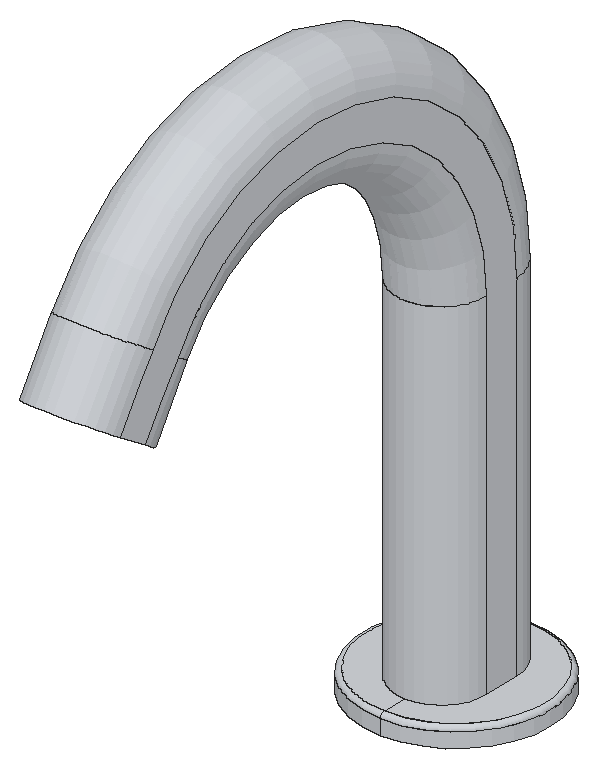
Revit family "Faucet_Touchless-Lavatory-KOHLER-Oblo-K-104BB76_1", category Plumbing Fixtures, host Face, Revit 2021
Family settings
  Host = Face
  Round Connector Dimension = Use Diameter
  Part Type = Normal
  OmniClass Number = 23.31.11.00
  OmniClass Title = Faucets
  Cut with Voids When Loaded = No
  Shared = No
  Room Calculation Point = No
Parameters (values of type "CP-Polished Chrome")
  Width = 2 73/256"  # constant formula
  WaterSense Certified = 1 = 0  # no
  Waste Water Outlet = "Waste Water Outlet"  # constant formula
  Waste Connection = 1 = 0  # no
  Vent Connection = 1 = 0  # no
  URL = "https://www.us.kohler.com/us/"
  Type = 1
  Spout Reach = 5 67/256"  # constant formula
  Product Page URL = "http://www.us.kohler.com/us/catalog/productDetails.jsp?productNumber=104BB76-SBNA"
  Product Name = "Oblo\r\n"  # constant formula
  Product Documentation Link = "https://www.us.kohler.com/webassets/kpna/catalog/pdf/en/K-104BB76-SBNA_spec_US-CA_Kohler_en.pdf"
  Pressure = 0.00 psi
  Model = if(Type = 1, "K-104BB76-SBNA-CP", "NA")  # "K-104BB76-SBNA-CP"
  Material = "Premium Metal Construction\r\n"  # constant formula
  Master Format 2014 Name = "Residential Faucets, Supplies, and Trim"  # constant formula
  Master Format 2014 = "22 41 39"  # constant formula
  Manufacturer Address = "444 Highland Dr, Kohler, WI 53044"  # constant formula
  Manufacturer = "Kohler Co."  # constant formula
  Length = Spout Reach  # 5 67/256"
  Hot Water Inlet = "Hot Water Inlet"  # constant formula
  Height = 8 23/256"  # constant formula
  Handle Clearance = 0"
  HW Connection = 1 = 1  # yes
  Flow Rate = 0.5 GPM  # constant formula
  Finish = Kohler-Metal-CP-Polished_Chrome
  Faucet Hole Spacing = 0"
  Environmental Product Declaration = ""
  Drain Included = 1 = 0  # no
  Description = "BASIC DC PROJECT PACK"  # constant formula
  Default Elevation = 36"
  Declare Label = ""
  Date Modified = "05/14/2023"  # constant formula
  Date Created = "05/14/2023"  # constant formula
  Copyright = "Copyright Kohler Co."  # constant formula
  Contact Us = "https://www.us.kohler.com/us/static/contact.jsp"
  Cold Water Inlet = "Cold Water Inlet"  # constant formula
  CW Connection = 1 = 1  # yes
  Assembly Code = "D2010"
  ADA Compliant = 1 = 0  # no
Reference planes (in)
  plane 1 "Center (Front/Back)": y = 0
  plane 2: z = 0
  plane 3 "Center (Left/Right)": x = 0
  plane 4: y = 1.14173
  plane 5: y = -1.14173
  plane 6: x = -1.14173
  plane 7: x = 1.14342
  plane 8: x = -0.55118
  plane 9: x = 0.55118
  plane 10: y = -6.16929
  plane 11: y = -5.26172
  plane 12: z = 8.08984
  plane 13: z = 5.1063
  plane 14: z = 0.23622
Dimensions and locks (in)
  "Width": plane 6 to plane 7
  "Height": plane 12 to level
  "Length": plane 1 "Center (Front/Back)" to plane 11
  plane 14 to level = 0.23622"
  plane 1 "Center (Front/Back)" to plane 10 = 6.16929"
  plane 4 to plane 10 = 7.31102"
  plane 8 to plane 9 = 1.10236"
  plane 13 to level = 5.1063"
  aligned and locked: plane 2 to host face
  aligned and locked: level to host face
Automatic sketch dimensions
  host sketch curve to host sketch curve = 96"  (x2)
Nested families (in)
  nested 1: "K-104BB76" at (0, 0, 0), type "K-104BB76"
Connectors (in)
  piping at (-0.55118, 0, 0), diameter 0.375, driven by "Flow Rate", driven by "HW Connection", driven by "Hot Water Inlet"
    settings: on nested 1, index 1, connector inside diameter 24", connector length 0", flow factor 0, pipe flow 0.5 GPM, pressure drop 0.00 psi, fitting loss kfactor 0, connector angle 0.00°, fixture units 0, engagement length 0", angle of deflection 0.00°, flow configuration 1, flow direction 1, fitting loss method 0, system type 19, joint type 0, gender type 0, connector reference index -1, connector utility 1, adjustable connector no, is connector primary yes, connector description "Hot Water Inlet"
  piping at (0.55118, 0, 0), diameter 0.375, driven by "Flow Rate", driven by "CW Connection", driven by "Cold Water Inlet"
    settings: on nested 1, index 2, connector inside diameter 24", connector length 0", flow factor 0, pipe flow 0.5 GPM, pressure drop 0.00 psi, fitting loss kfactor 0, connector angle 0.00°, fixture units 0, engagement length 0", angle of deflection 0.00°, flow configuration 1, flow direction 1, fitting loss method 0, system type 20, joint type 0, gender type 0, connector reference index -1, connector utility 1, adjustable connector no, is connector primary no, connector description "Cold Water Inlet"
Definition of nested family "K-104BB76"
  Parameters
    Material = none
    Default Elevation = 0"
  Reference planes (in)
    plane 1 "Center (Front/Back)": y = 0
    plane 2: z = 0
    plane 3 "Center (Left/Right)": x = 0
    plane 4: z = 8.09055
    plane 5: y = 1.14173
    plane 6: y = -1.14173
    plane 7: z = 0.23622
    plane 8: z = 5.1063
    plane 9: y = -5.25984
    plane 10: y = -6.16929
    plane 11: x = -1.14173
    plane 12: x = 1.14173
    plane 13: x = -0.55118
    plane 14: x = 0.55118
  Forms (in)
    Sweep 1, solid, material <- "Material", detail levels medium+fine
      path origin (0, 0, 0) x (0, 1, 0) y (0, 0, 1)
        loop
          line (0, 0.23622) -> (0, 4.52927)
          arc (0, 4.52927) -> (-1.97319, 7.17169) -> (-5.0672, 6.03024) r 2.75591
          line (-5.0672, 6.03024) -> (-5.54536, 5.29395)
      profile origin (0, 0, 2.38275) x (0, -1, 0) y (1, 0, 0)
        loop
          line (0, -0.55118) -> (0.22529, -0.55118)
          arc (0.22529, -0.55118) -> (0.77647, 0) -> (0.22529, 0.55118) r 0.55118
          line (0.22529, 0.55118) -> (0, 0.55118) -> (-0.22529, 0.55118)
          arc (-0.22529, 0.55118) -> (-0.77647, 0) -> (-0.22529, -0.55118) r 0.55118
          line (-0.22529, -0.55118) -> (0, -0.55118)
    Revolve 2, solid, material <- "Material", detail levels medium+fine
      sketch origin (0, 0, 0) x (0, 1, 0) y (0, 0, 1)
        loop
          line (0, 0) -> (1.14173, 0) -> (1.14173, 0.17717)
          arc (1.14173, 0.17717) -> (1.12444, 0.21892) -> (1.08268, 0.23622) r 0.05906
          line (1.08268, 0.23622) -> (0, 0.23622) -> (0, 0)
        axis (0, 0) -> (0, 0.23622)
      angle from 0 to 360
    Extrusion 3, void
      sketch origin (0, -5.54536, 5.29395) x (1, 0, 0) y (0, -0.838671, 0.544639)
        loop
          arc (0.39272, 0.2308) -> (-0.00061, 0.62413) -> (-0.39394, 0.2308) r 0.39333
          line (-0.39394, 0.2308) -> (-0.39394, 0.09822)
          arc (-0.39394, 0.09822) -> (-0.38008, 0.0602) -> (-0.34499, 0.04003) r 0.05906
          arc (-0.34499, 0.04003) -> (-0.00118, 0.00927) -> (0.343, 0.0355) r 2.09088
          arc (0.343, 0.0355) -> (0.3786, 0.05549) -> (0.39272, 0.09381) r 0.05906
          line (0.39272, 0.09381) -> (0.39272, 0.2308)
      from -0.45987 to 0.75616
    Extrusion 4, void
      sketch origin (0, -5.54536, 5.29395) x (1, 0, 0) y (0, -0.838671, 0.544639)
        loop
          circle (0.00361, -0.32853) r 0.28034
      from -0.29909 to 0.75803
    Extrusion 5, solid, detail levels medium+fine
      sketch origin (0, -5.54536, 5.29395) x (1, 0, 0) y (0, -0.838671, 0.544639)
        loop
          arc (0.27608, -0.32853) -> (0.27188, -0.28087) -> (0.25941, -0.23468) r 0.27246
          line (0.25941, -0.23468) -> (0.21397, -0.25986)
          arc (0.21397, -0.25986) -> (0.1986, -0.2227) -> (0.17523, -0.18998) r 0.1768
          line (0.17523, -0.18998) -> (0.22118, -0.16451)
          arc (0.22118, -0.16451) -> (0.14148, -0.09351) -> (0.04062, -0.05859) r 0.27246
          line (0.04062, -0.05859) -> (0.04062, -0.11303)
          arc (0.04062, -0.11303) -> (0.00059, -0.10937) -> (-0.03943, -0.11303) r 0.22079
          line (-0.03943, -0.11303) -> (-0.03943, -0.05948)
          arc (-0.03943, -0.05948) -> (-0.13838, -0.09599) -> (-0.21605, -0.16733) r 0.27246
          line (-0.21605, -0.16733) -> (-0.17443, -0.19135)
          arc (-0.17443, -0.19135) -> (-0.19801, -0.22314) -> (-0.21375, -0.25946) r 0.17311
          line (-0.21375, -0.25946) -> (-0.25295, -0.23682)
          arc (-0.25295, -0.23682) -> (-0.26485, -0.28199) -> (-0.26885, -0.32853) r 0.27246
          arc (-0.26885, -0.32853) -> (-0.26356, -0.38198) -> (-0.24788, -0.43335) r 0.27246
          line (-0.24788, -0.43335) -> (-0.2056, -0.40894)
          arc (-0.2056, -0.40894) -> (-0.18867, -0.44606) -> (-0.16499, -0.47928) r 0.21356
          line (-0.16499, -0.47928) -> (-0.2058, -0.50284)
          arc (-0.2058, -0.50284) -> (-0.13121, -0.56529) -> (-0.03943, -0.59757) r 0.27246
          line (-0.03943, -0.59757) -> (-0.03943, -0.55494)
          arc (-0.03943, -0.55494) -> (0.00059, -0.56177) -> (0.04062, -0.55494) r 0.1207
          line (0.04062, -0.55494) -> (0.04062, -0.59847)
          arc (0.04062, -0.59847) -> (0.13486, -0.56729) -> (0.21169, -0.50443) r 0.27246
          line (0.21169, -0.50443) -> (0.17125, -0.48108)
          arc (0.17125, -0.48108) -> (0.19703, -0.44927) -> (0.21168, -0.41104) r 0.13037
          line (0.21168, -0.41104) -> (0.25417, -0.43557)
          arc (0.25417, -0.43557) -> (0.27055, -0.38316) -> (0.27608, -0.32853) r 0.27246
        loop
          circle (-0.00372, -0.33928) r 0.14749
      from -0.29909 to 0
    Extrusion 6, solid, detail levels medium+fine
      sketch origin (0, -5.54536, 5.29395) x (1, 0, 0) y (0, -0.838671, 0.544639)
        loop
          circle (-0.00372, -0.33928) r 0.14749
        loop
          circle (-0.00372, -0.33928) r 0.00984
        loop
          circle (-0.00372, -0.31457) r 0.00984
        loop
          circle (-0.00372, -0.29086) r 0.00984
        loop
          circle (-0.00372, -0.26399) r 0.00984
        loop
          circle (-0.00372, -0.23493) r 0.00984
        loop
          circle (0.02591, -0.23493) r 0.00984
        loop
          circle (0.02591, -0.26833) r 0.00984
        loop
          circle (0.02591, -0.29359) r 0.00984
        loop
          circle (0.02591, -0.32269) r 0.00984
        loop
          circle (0.05423, -0.32269) r 0.00984
        loop
          circle (0.05423, -0.29496) r 0.00984
        loop
          circle (0.05423, -0.26695) r 0.00984
        loop
          circle (0.05423, -0.23894) r 0.00984
        loop
          circle (0.08393, -0.26864) r 0.00984
        loop
          circle (0.08393, -0.29826) r 0.00984
        loop
          circle (0.08393, -0.32571) r 0.00984
        loop
          circle (0.11733, -0.32571) r 0.00984
        loop
          circle (0.11733, -0.29167) r 0.00984
        loop
          circle (0.02591, -0.44362) r 0.00984
        loop
          circle (0.02591, -0.41023) r 0.00984
        loop
          circle (0.02591, -0.38496) r 0.00984
        loop
          circle (0.02591, -0.35586) r 0.00984
        loop
          circle (0.05423, -0.35586) r 0.00984
        loop
          circle (0.05423, -0.38359) r 0.00984
        loop
          circle (0.05423, -0.4116) r 0.00984
        loop
          circle (0.05423, -0.43961) r 0.00984
        loop
          circle (0.08393, -0.40991) r 0.00984
        loop
          circle (0.08393, -0.3803) r 0.00984
        loop
          circle (0.08393, -0.35284) r 0.00984
        loop
          circle (0.11733, -0.35284) r 0.00984
        loop
          circle (0.11733, -0.38689) r 0.00984
        loop
          circle (-0.03335, -0.23493) r 0.00984
        loop
          circle (-0.03335, -0.26833) r 0.00984
        loop
          circle (-0.03335, -0.29359) r 0.00984
        loop
          circle (-0.03335, -0.32269) r 0.00984
        loop
          circle (-0.06167, -0.32269) r 0.00984
        loop
          circle (-0.06167, -0.29496) r 0.00984
        loop
          circle (-0.06167, -0.26695) r 0.00984
        loop
          circle (-0.06167, -0.23894) r 0.00984
        loop
          circle (-0.09137, -0.26864) r 0.00984
        loop
          circle (-0.09137, -0.29826) r 0.00984
        loop
          circle (-0.09137, -0.32571) r 0.00984
        loop
          circle (-0.12477, -0.32571) r 0.00984
        loop
          circle (-0.12477, -0.29167) r 0.00984
        loop
          circle (-0.03335, -0.44362) r 0.00984
        loop
          circle (-0.03335, -0.41023) r 0.00984
        loop
          circle (-0.03335, -0.38496) r 0.00984
        loop
          circle (-0.03335, -0.35586) r 0.00984
        loop
          circle (-0.06167, -0.35586) r 0.00984
        loop
          circle (-0.06167, -0.38359) r 0.00984
        loop
          circle (-0.06167, -0.4116) r 0.00984
        loop
          circle (-0.06167, -0.43961) r 0.00984
        loop
          circle (-0.09137, -0.40991) r 0.00984
        loop
          circle (-0.09137, -0.3803) r 0.00984
        loop
          circle (-0.09137, -0.35284) r 0.00984
        loop
          circle (-0.12477, -0.35284) r 0.00984
        loop
          circle (-0.12477, -0.38689) r 0.00984
        loop
          circle (-0.00372, -0.36398) r 0.00984
        loop
          circle (-0.00372, -0.38769) r 0.00984
        loop
          circle (-0.00372, -0.41457) r 0.00984
        loop
          circle (-0.00372, -0.44362) r 0.00984
      from -0.29909 to -0.23199
    Extrusion 7, solid, detail levels medium+fine
      sketch origin (0, -5.54536, 5.29395) x (1, 0, 0) y (0, -0.838671, 0.544639)
        loop
          line (-0.38607, 0.2308) -> (-0.38607, 0.09822)
          arc (-0.38607, 0.09822) -> (-0.37405, 0.06527) -> (-0.34364, 0.04779) r 0.05118
          arc (-0.34364, 0.04779) -> (-0.00113, 0.01715) -> (0.34175, 0.04327) r 2.083
          arc (0.34175, 0.04327) -> (0.37261, 0.0606) -> (0.38484, 0.09381) r 0.05118
          line (0.38484, 0.09381) -> (0.38484, 0.2308)
          arc (0.38484, 0.2308) -> (-0.00061, 0.61626) -> (-0.38607, 0.2308) r 0.38546
      from -0.45987 to 0
    Extrusion 8, solid, material <- "Material", detail levels medium+fine
      sketch origin (0, 0, 0) x (1, 0, 0) y (0, 1, 0)
        loop
          circle (-0.55118, 0) r 0.07874
      from 0 to 0.03917
    Extrusion 9, solid, material <- "Material", detail levels medium+fine
      sketch origin (0, 0, 0) x (-1, 0, 0) y (0, -1, 0)
        loop
          circle (-0.55118, 0) r 0.07874
      from 0 to 0.03917
    Revolve 10, solid, material <- "Material", detail levels coarse
      sketch origin (0, 0, 0) x (0, 1, 0) y (0, 0, 1)
        loop
          line (0, 0) -> (1.14173, 0) -> (1.14173, 0.23622) -> (0, 0.23622) -> (0, 0)
        axis (0, 0) -> (0, 0.23622)
      angle from 0 to 360
    Sweep 11, solid, material <- "Material", detail levels coarse
      path origin (0, -0.00329, -0.02625) x (0, 1, 0) y (0, 0, 1)
        loop
          line (0, 0.23622) -> (0, 4.52927)
          arc (0, 4.52927) -> (-1.97319, 7.17169) -> (-5.0672, 6.03024) r 2.75591
          line (-5.0672, 6.03024) -> (-5.54536, 5.29395)
      profile origin (0, -0.00329, 2.3565) x (0, -1, 0) y (1, 0, 0)
        loop
          line (0, -0.54451) -> (0.22529, -0.54451)
          arc (0.22529, -0.54451) -> (0.77647, 0.00667) -> (0.22529, 0.55785) r 0.55118
          line (0.22529, 0.55785) -> (0, 0.55785) -> (-0.22529, 0.55785)
          arc (-0.22529, 0.55785) -> (-0.77647, 0.00667) -> (-0.22529, -0.54451) r 0.55118
          line (-0.22529, -0.54451) -> (0, -0.54451)
  Cuts and joins
    Extrusion 3, Extrusion 4 cuts Sweep 1
  Lines and regions (in)
    Masking region 1
      outline origin (0, 0, 0) x (1, 0, 0) y (0, 1, 0)
        loop
          arc (-0.54841, -1.0014) -> (-0.00158, 1.14173) -> (0.55118, -0.99988) r 1.14173
          line (0.55118, -0.99988) -> (0.55118, -5.7343)
          spline (0.55118, -5.7343) -> (0.5324, -5.85395) -> (0.47734, -5.96543) -> (0.38974, -6.06117) -> (0.27559, -6.13463) -> (0.14266, -6.18081) -> (0, -6.19656) -> (-0.14266, -6.18081) -> (-0.27559, -6.13463) -> (-0.38974, -6.06117) -> (-0.47734, -5.96543) -> (-0.5324, -5.85395) -> (-0.55118, -5.7343)
          line (-0.55118, -5.7343) -> (-0.55118, -0.99988)
    Masking region 2
      outline origin (0, 0, 0) x (1, 0, 0) y (0, 0, 1)
        loop
          line (0, 0) -> (1.14173, 0) -> (1.14173, 0.17717)
          arc (1.14173, 0.17717) -> (1.12444, 0.21892) -> (1.08268, 0.23622) r 0.05906
          line (1.08268, 0.23622) -> (0.55118, 0.23622) -> (0.55118, 7.54017)
          arc (0.55118, 7.54017) -> (0, 8.09135) -> (-0.55118, 7.54017) r 0.55118
          line (-0.55118, 7.54017) -> (-0.55118, 0.23622) -> (-1.08268, 0.23622)
          arc (-1.08268, 0.23622) -> (-1.12444, 0.21892) -> (-1.14173, 0.17717) r 0.05906
          line (-1.14173, 0.17717) -> (-1.14173, 0) -> (0, 0)
    Masking region 3
      outline origin (0, 0, 0) x (0, 1, 0) y (0, 0, 1)
        loop
          line (0, 0) -> (1.14173, 0) -> (1.14173, 0.17717)
          arc (1.14173, 0.17717) -> (1.12444, 0.21892) -> (1.08268, 0.23622) r 0.05906
          line (1.08268, 0.23622) -> (0.77583, 0.23622) -> (0.77583, 4.54724)
          arc (0.77583, 4.54724) -> (-1.76112, 7.94464) -> (-5.73915, 6.47707) r 3.54331
          line (-5.73915, 6.47707) -> (-6.16247, 5.74385)
          arc (-6.16247, 5.74385) -> (-6.16709, 5.71195) -> (-6.14849, 5.68563) r 0.04349
          line (-6.14849, 5.68563) -> (-4.92717, 4.89249)
          arc (-4.92717, 4.89249) -> (-4.89754, 4.887) -> (-4.87271, 4.90407) r 0.03937
          line (-4.87271, 4.90407) -> (-4.39526, 5.63928)
          arc (-4.39526, 5.63928) -> (-2.18525, 6.45459) -> (-0.77583, 4.56715) r 1.9685
          line (-0.77583, 4.56715) -> (-0.77583, 0.23622) -> (-1.08268, 0.23622)
          arc (-1.08268, 0.23622) -> (-1.12444, 0.21892) -> (-1.14173, 0.17717) r 0.05906
          line (-1.14173, 0.17717) -> (-1.14173, 0) -> (0, 0)
    symbolic lines, detail levels medium+fine
      curve 1: line (-0.55118, -1.27951, 0) -> (-0.55118, 0.04192, 0)
      curve 2: line (0.55118, -1.14173, 0) -> (0.55118, 0.04192, 0)
      curve 3: arc (-0.55118, 0.04192, 0) -> (0, 0.5931, 0) -> (0.55118, 0.04192, 0) r 0.55118
      curve 4: arc (0.55118, -0.94488, 0) -> (0, 1.09389, 0) -> (-0.55118, -0.94488, 0) r 1.09389
      curve 5: line (-0.55118, 0, 0.23622) -> (0.55118, 0, 0.23622)
      curve 6: line (-1.14173, 0, 0.17717) -> (1.14173, 0, 0.17717)
      curve 7: spline (0.55118, 0, 5.41665) -> (0.5324, 0, 5.49435) -> (0.47734, 0, 5.56675) -> (0.38974, 0, 5.62892) -> (0.27559, 0, 5.67663) -> (0.14266, 0, 5.70662) -> (0, 0, 5.71685) -> (-0.14266, 0, 5.70662) -> (-0.27559, 0, 5.67663) -> (-0.38974, 0, 5.62892) -> (-0.47734, 0, 5.56675) -> (-0.5324, 0, 5.49435) -> (-0.55118, 0, 5.41665)
      curve 8: spline (-0.55118, 0, 5.17125) -> (-0.5324, 0, 5.09355) -> (-0.47734, 0, 5.02115) -> (-0.38974, 0, 4.95898) -> (-0.27559, 0, 4.91127) -> (-0.14266, 0, 4.88128) -> (0, 0, 4.87105) -> (0.14266, 0, 4.88128) -> (0.27559, 0, 4.91127) -> (0.38974, 0, 4.95898) -> (0.47734, 0, 5.02115) -> (0.5324, 0, 5.09355) -> (0.55118, 0, 5.17125)
      curve 9: spline (0.28395, 0, 5.11502) -> (0.2744, 0, 5.0755) -> (0.24639, 0, 5.03868) -> (0.20184, 0, 5.00706) -> (0.14378, 0, 4.98279) -> (0.07617, 0, 4.96754) -> (0.00361, 0, 4.96234) -> (-0.06894, 0, 4.96754) -> (-0.13655, 0, 4.98279) -> (-0.19461, 0, 5.00706) -> (-0.23917, 0, 5.03868) -> (-0.26717, 0, 5.0755) -> (-0.27672, 0, 5.11502)
      curve 10: spline (-0.27672, 0, 5.11502) -> (-0.26717, 0, 5.15454) -> (-0.23917, 0, 5.19136) -> (-0.19461, 0, 5.22298) -> (-0.13655, 0, 5.24725) -> (-0.06894, 0, 5.2625) -> (0.00361, 0, 5.2677) -> (0.07617, 0, 5.2625) -> (0.14378, 0, 5.24725) -> (0.20184, 0, 5.22298) -> (0.24639, 0, 5.19136) -> (0.2744, 0, 5.15454) -> (0.28395, 0, 5.11502)
      curve 11: spline (0.38484, 0, 5.41965) -> (0.37171, 0, 5.47399) -> (0.3332, 0, 5.52462) -> (0.27195, 0, 5.5681) -> (0.19212, 0, 5.60146) -> (0.09915, 0, 5.62243) -> (-0.00061, 0, 5.62959) -> (-0.10038, 0, 5.62243) -> (-0.19334, 0, 5.60146) -> (-0.27317, 0, 5.5681) -> (-0.33443, 0, 5.52462) -> (-0.37293, 0, 5.47399) -> (-0.38607, 0, 5.41965)
      curve 12: spline (-0.38607, 0, 5.34744) -> (-0.38572, 0, 5.3442) -> (-0.38468, 0, 5.341) -> (-0.38297, 0, 5.33789) -> (-0.3806, 0, 5.33491) -> (-0.37762, 0, 5.3321) -> (-0.37405, 0, 5.3295) -> (-0.36995, 0, 5.32714) -> (-0.36538, 0, 5.32505) -> (-0.36039, 0, 5.32327) -> (-0.35506, 0, 5.32182) -> (-0.34945, 0, 5.32072) -> (-0.34364, 0, 5.31998)
      curve 13: spline (-0.34364, 0, 5.31998) -> (-0.28698, 0, 5.31506) -> (-0.23009, 0, 5.31099) -> (-0.17302, 0, 5.30778) -> (-0.11581, 0, 5.30542) -> (-0.0585, 0, 5.30392) -> (-0.00113, 0, 5.30329) -> (0.05624, 0, 5.30351) -> (0.11358, 0, 5.3046) -> (0.17085, 0, 5.30654) -> (0.22799, 0, 5.30934) -> (0.28498, 0, 5.313) -> (0.34175, 0, 5.31752)
      curve 14: spline (0.34175, 0, 5.31752) -> (0.34763, 0, 5.31822) -> (0.35331, 0, 5.3193) -> (0.35873, 0, 5.32074) -> (0.36379, 0, 5.32251) -> (0.36844, 0, 5.32459) -> (0.37261, 0, 5.32695) -> (0.37624, 0, 5.32957) -> (0.37928, 0, 5.3324) -> (0.38169, 0, 5.3354) -> (0.38343, 0, 5.33854) -> (0.38449, 0, 5.34177) -> (0.38484, 0, 5.34504)
      curve 15: line (0.38484, 0, 5.34504) -> (0.38484, 0, 5.41965)
      curve 16: line (-0.38607, 0, 5.41965) -> (-0.38607, 0, 5.34744)
      curve 17: spline (-0.25295, 0, 5.16497) -> (-0.25547, 0, 5.16095) -> (-0.25778, 0, 5.15689) -> (-0.25987, 0, 5.1528) -> (-0.26175, 0, 5.14868) -> (-0.26341, 0, 5.14454) -> (-0.26485, 0, 5.14037) -> (-0.26607, 0, 5.13617) -> (-0.26707, 0, 5.13196) -> (-0.26785, 0, 5.12774) -> (-0.2684, 0, 5.12351) -> (-0.26874, 0, 5.11927) -> (-0.26885, 0, 5.11502)
      curve 18: line (-0.21375, 0, 5.15264) -> (-0.25295, 0, 5.16497)
      curve 19: spline (-0.17443, 0, 5.18973) -> (-0.17885, 0, 5.18706) -> (-0.18309, 0, 5.18429) -> (-0.18713, 0, 5.18144) -> (-0.19096, 0, 5.17851) -> (-0.19459, 0, 5.1755) -> (-0.19801, 0, 5.17242) -> (-0.2012, 0, 5.16926) -> (-0.20417, 0, 5.16605) -> (-0.20692, 0, 5.16277) -> (-0.20943, 0, 5.15944) -> (-0.21171, 0, 5.15606) -> (-0.21375, 0, 5.15264)
      curve 20: line (-0.21605, 0, 5.20282) -> (-0.17443, 0, 5.18973)
      curve 21: spline (-0.03943, 0, 5.26155) -> (-0.0568, 0, 5.25972) -> (-0.07391, 0, 5.25728) -> (-0.09069, 0, 5.25424) -> (-0.10707, 0, 5.25062) -> (-0.12299, 0, 5.24642) -> (-0.13838, 0, 5.24167) -> (-0.15316, 0, 5.23639) -> (-0.16729, 0, 5.23059) -> (-0.1807, 0, 5.22431) -> (-0.19333, 0, 5.21757) -> (-0.20513, 0, 5.21039) -> (-0.21605, 0, 5.20282)
      curve 22: spline (0.04062, 0, 5.22316) -> (0.034, 0, 5.22377) -> (0.02736, 0, 5.22427) -> (0.02069, 0, 5.22465) -> (0.014, 0, 5.22493) -> (0.0073, 0, 5.2251) -> (0.00059, 0, 5.22515) -> (-0.00611, 0, 5.2251) -> (-0.01282, 0, 5.22493) -> (-0.0195, 0, 5.22465) -> (-0.02617, 0, 5.22427) -> (-0.03282, 0, 5.22377) -> (-0.03943, 0, 5.22316)
      curve 23: spline (0.22118, 0, 5.20435) -> (0.20994, 0, 5.21194) -> (0.19781, 0, 5.21911) -> (0.18484, 0, 5.22583) -> (0.17109, 0, 5.23207) -> (0.15661, 0, 5.23781) -> (0.14148, 0, 5.24302) -> (0.12575, 0, 5.24767) -> (0.10949, 0, 5.25175) -> (0.09277, 0, 5.25525) -> (0.07568, 0, 5.25813) -> (0.05826, 0, 5.2604) -> (0.04062, 0, 5.26204)
      curve 24: spline (0.21397, 0, 5.15242) -> (0.212, 0, 5.15592) -> (0.2098, 0, 5.15937) -> (0.20735, 0, 5.16278) -> (0.20466, 0, 5.16613) -> (0.20175, 0, 5.16942) -> (0.1986, 0, 5.17266) -> (0.19523, 0, 5.17582) -> (0.19165, 0, 5.17891) -> (0.18785, 0, 5.18193) -> (0.18384, 0, 5.18487) -> (0.17964, 0, 5.18772) -> (0.17523, 0, 5.19048)
      curve 25: spline (0.27608, 0, 5.11502) -> (0.27596, 0, 5.11937) -> (0.27561, 0, 5.12371) -> (0.27503, 0, 5.12805) -> (0.27421, 0, 5.13238) -> (0.27316, 0, 5.13669) -> (0.27188, 0, 5.14098) -> (0.27037, 0, 5.14525) -> (0.26863, 0, 5.14949) -> (0.26666, 0, 5.15371) -> (0.26446, 0, 5.15789) -> (0.26205, 0, 5.16203) -> (0.25941, 0, 5.16613)
      curve 26: spline (0.25417, 0, 5.05672) -> (0.25763, 0, 5.06135) -> (0.2608, 0, 5.06603) -> (0.26368, 0, 5.07077) -> (0.26627, 0, 5.07556) -> (0.26856, 0, 5.08039) -> (0.27055, 0, 5.08527) -> (0.27223, 0, 5.09017) -> (0.27361, 0, 5.09511) -> (0.27469, 0, 5.10007) -> (0.27546, 0, 5.10504) -> (0.27592, 0, 5.11003) -> (0.27608, 0, 5.11502)
      curve 27: line (0.20994, 0, 5.07063) -> (0.25417, 0, 5.05672)
      curve 28: line (0.21169, 0, 5.01922) -> (0.17125, 0, 5.03193)
      curve 29: spline (0.04062, 0, 4.968) -> (0.05702, 0, 4.9695) -> (0.07323, 0, 4.97155) -> (0.08917, 0, 4.97413) -> (0.1048, 0, 4.97724) -> (0.12005, 0, 4.98086) -> (0.13486, 0, 4.98498) -> (0.14919, 0, 4.98958) -> (0.16297, 0, 4.99466) -> (0.17616, 0, 5.00018) -> (0.18871, 0, 5.00613) -> (0.20057, 0, 5.01248) -> (0.21169, 0, 5.01922)
      curve 30: spline (-0.03943, 0, 5.00094) -> (-0.03296, 0, 4.99981) -> (-0.02638, 0, 4.99888) -> (-0.01971, 0, 4.99815) -> (-0.01298, 0, 4.99763) -> (-0.0062, 0, 4.99732) -> (0.00059, 0, 4.99722) -> (0.00739, 0, 4.99732) -> (0.01416, 0, 4.99763) -> (0.02089, 0, 4.99815) -> (0.02756, 0, 4.99888) -> (0.03414, 0, 4.99981) -> (0.04062, 0, 5.00094)
      curve 31: spline (-0.2058, 0, 5.02008) -> (-0.195, 0, 5.01344) -> (-0.18349, 0, 5.00715) -> (-0.17131, 0, 5.00125) -> (-0.15851, 0, 4.99576) -> (-0.14513, 0, 4.99069) -> (-0.13121, 0, 4.98607) -> (-0.11681, 0, 4.98191) -> (-0.10198, 0, 4.97822) -> (-0.08677, 0, 4.97503) -> (-0.07124, 0, 4.97234) -> (-0.05544, 0, 4.97015) -> (-0.03943, 0, 4.96849)
      curve 32: spline (-0.2056, 0, 5.07122) -> (-0.20328, 0, 5.06774) -> (-0.20075, 0, 5.06429) -> (-0.19803, 0, 5.0609) -> (-0.1951, 0, 5.05755) -> (-0.19198, 0, 5.05425) -> (-0.18867, 0, 5.05101) -> (-0.18517, 0, 5.04783) -> (-0.18149, 0, 5.04471) -> (-0.17763, 0, 5.04165) -> (-0.17359, 0, 5.03867) -> (-0.16937, 0, 5.03575) -> (-0.16499, 0, 5.03292)
      curve 33: line (-0.24788, 0, 5.05793) -> (-0.2056, 0, 5.07122)
      curve 34: spline (-0.26885, 0, 5.11502) -> (-0.2687, 0, 5.11014) -> (-0.26826, 0, 5.10526) -> (-0.26752, 0, 5.10039) -> (-0.26649, 0, 5.09554) -> (-0.26517, 0, 5.09071) -> (-0.26356, 0, 5.08591) -> (-0.26165, 0, 5.08114) -> (-0.25946, 0, 5.0764) -> (-0.25699, 0, 5.07171) -> (-0.25423, 0, 5.06706) -> (-0.25119, 0, 5.06247) -> (-0.24788, 0, 5.05793)
      curve 35: line (-0.2058, 0, 5.02008) -> (-0.16499, 0, 5.03292)
      curve 36: line (-0.03943, 0, 5.00094) -> (-0.03943, 0, 4.96849)
      curve 37: line (0.04062, 0, 5.00094) -> (0.04062, 0, 4.968)
      curve 38: line (0.22118, 0, 5.20435) -> (0.17523, 0, 5.19048)
      curve 39: line (0.21397, 0, 5.15242) -> (0.25941, 0, 5.16613)
      curve 40: line (-0.03943, 0, 5.26155) -> (-0.03943, 0, 5.22316)
      curve 41: line (0.04062, 0, 5.22316) -> (0.04062, 0, 5.26204)
      curve 42: arc (0.17125, 0, 5.03193) -> (0.1935, 0, 5.04838) -> (0.20994, 0, 5.07063) r 0.09319
      curve 43: spline (-0.15121, 0, 5.0891) -> (-0.14619, 0, 5.10989) -> (-0.13145, 0, 5.12926) -> (-0.10801, 0, 5.1459) -> (-0.07747, 0, 5.15866) -> (-0.04189, 0, 5.16669) -> (-0.00372, 0, 5.16943) -> (0.03445, 0, 5.16669) -> (0.07003, 0, 5.15866) -> (0.10057, 0, 5.1459) -> (0.12401, 0, 5.12926) -> (0.13875, 0, 5.10989) -> (0.14377, 0, 5.0891)
      curve 44: spline (0.14377, 0, 5.0891) -> (0.13875, 0, 5.0683) -> (0.12401, 0, 5.04893) -> (0.10057, 0, 5.03229) -> (0.07003, 0, 5.01953) -> (0.03445, 0, 5.0115) -> (-0.00372, 0, 5.00876) -> (-0.04189, 0, 5.0115) -> (-0.07747, 0, 5.01953) -> (-0.10801, 0, 5.03229) -> (-0.13145, 0, 5.04893) -> (-0.14619, 0, 5.0683) -> (-0.15121, 0, 5.0891)
      curve 45: spline (0.13256, 0, 5.08059) -> (0.11886, 0, 5.06664) -> (0.1004, 0, 5.05442) -> (0.0779, 0, 5.0444) -> (0.05224, 0, 5.03699) -> (0.0244, 0, 5.03245) -> (-0.00453, 0, 5.03098) -> (-0.03343, 0, 5.03263) -> (-0.06117, 0, 5.03733) -> (-0.08669, 0, 5.04489) -> (-0.10898, 0, 5.05504) -> (-0.12719, 0, 5.06737) -> (-0.14061, 0, 5.08141)
      curve 46: spline (0.13808, 0, 5.0777) -> (0.12582, 0, 5.06139) -> (0.10731, 0, 5.04692) -> (0.08346, 0, 5.03501) -> (0.0554, 0, 5.02621) -> (0.0245, 0, 5.02096) -> (-0.00775, 0, 5.0195) -> (-0.03982, 0, 5.02192) -> (-0.07014, 0, 5.02808) -> (-0.09727, 0, 5.0377) -> (-0.11989, 0, 5.05031) -> (-0.13692, 0, 5.0653) -> (-0.14753, 0, 5.08196)
      curve 47: arc (-0.14753, 0, 5.08196) -> (-0.15004, 0, 5.0941) -> (-0.1478, 0, 5.1063) r 0.03241
      curve 48: arc (-0.14061, 0, 5.08141) -> (-0.14643, 0, 5.09321) -> (-0.1478, 0, 5.1063) r 0.03741
      curve 49: arc (0.14027, 0, 5.1063) -> (0.14213, 0, 5.09177) -> (0.13808, 0, 5.0777) r 0.03619
      curve 50: arc (0.14027, 0, 5.1063) -> (0.13875, 0, 5.09275) -> (0.13256, 0, 5.08059) r 0.03825
      curve 51: line (0.51181, 0, 5.41665) -> (-0.51181, 0, 5.41665)
      curve 52: line (-0.51181, 0, 5.17125) -> (0.51181, 0, 5.17125)
      curve 53: line (-0.51181, 0, 5.17125) -> (-0.51181, 0, 5.41665)
      curve 54: line (0.51181, 0, 5.41665) -> (0.51181, 0, 5.17125)
      curve 55: spline (0.55118, 0, 6.26098) -> (0.5324, 0, 6.33868) -> (0.47734, 0, 6.41108) -> (0.38974, 0, 6.47325) -> (0.27559, 0, 6.52096) -> (0.14266, 0, 6.55095) -> (0, 0, 6.56118) -> (-0.14266, 0, 6.55095) -> (-0.27559, 0, 6.52096) -> (-0.38974, 0, 6.47325) -> (-0.47734, 0, 6.41108) -> (-0.5324, 0, 6.33868) -> (-0.55118, 0, 6.26098)
      curve 56: line (-0.03009, 0, 6.19747) -> (-0.03009, 0, 6.14674)
      curve 57: line (-0.03009, 0, 6.14674) -> (0.03009, 0, 6.14674)
      curve 58: line (0.03009, 0, 6.14674) -> (0.03009, 0, 6.19747)
      curve 59: line (0.03009, 0, 6.19747) -> (-0.03009, 0, 6.19747)
      curve 60: arc (-0.04565, 0, 6.12878) -> (0.00004, 0, 6.11697) -> (0.04554, 0, 6.12954) r 0.09133
      curve 61: arc (-0.07197, 0, 6.10246) -> (0.00027, 0, 6.08311) -> (0.07247, 0, 6.10261) r 0.14395
      curve 62: arc (-0.09449, 0, 6.07361) -> (0.00286, 0, 6.04973) -> (0.09987, 0, 6.07496) r 0.20457
      curve 63: arc (-0.12158, 0, 6.04652) -> (0.00262, 0, 6.01745) -> (0.12635, 0, 6.04848) r 0.27071
      curve 64: line (-0.12158, 0, 6.04652) -> (-0.09449, 0, 6.07361)
      curve 65: line (-0.07197, 0, 6.10246) -> (-0.04565, 0, 6.12878)
      curve 66: line (0.04554, 0, 6.12954) -> (0.07247, 0, 6.10261)
      curve 67: line (0.09987, 0, 6.07496) -> (0.12635, 0, 6.04848)
      curve 68: line (0, 0.77583, 0.23622) -> (0, -0.77583, 0.23622)
      curve 69: line (0, 1.14173, 0.17717) -> (0, -1.14173, 0.17717)
      curve 70: line (0, -4.87271, 4.90407) -> (0, -6.16339, 5.74225)
      curve 71: line (0, 0.22529, 0.23622) -> (0, 0.22529, 4.62506)
      curve 72: line (0, -5.20385, 6.23325) -> (0, -5.71276, 5.4496)
      curve 73: line (0, -0.22529, 0.23622) -> (0, -0.22529, 4.61394)
      curve 74: arc (0, 0.22529, 4.62506) -> (0, -1.88883, 7.45623) -> (0, -5.20385, 6.23325) r 2.95276
      curve 75: line (0, -4.81828, 5.97444) -> (0, -5.32334, 5.19671)
      curve 76: arc (0, -0.22529, 4.61394) -> (0, -2.01382, 7.00906) -> (0, -4.81828, 5.97444) r 2.49799
      curve 77: line (0, 0.77563, 4.58502) -> (0, 0.22529, 4.58502)
      curve 78: line (0, -0.77563, 4.58502) -> (0, -0.22529, 4.58502)
      curve 79: line (0, -4.39526, 5.63928) -> (0, -4.84589, 5.93192)
      curve 80: line (0, -5.23531, 6.18481) -> (0, -5.72308, 6.50158)
      curve 81: arc (-0.55118, -5.06299, 0) -> (0, -5.42779, 0) -> (0.55118, -5.06299, 0) r 0.5988
      curve 82: line (-0.03429, -5.66766, 0) -> (-0.03429, -5.72254, 0)
      curve 83: line (-0.03429, -5.72254, 0) -> (0, -5.72254, 0)
      curve 84: line (-0.03429, -5.66766, 0) -> (0, -5.66766, 0)
      curve 85: line (0.07238, -5.76063, 0) -> (0.08989, -5.80874, 0)
      curve 86: line (0.03429, -5.66766, 0) -> (0.03429, -5.72254, 0)
      curve 87: line (0.03429, -5.72254, 0) -> (0, -5.72254, 0)
      curve 88: line (0.03429, -5.66766, 0) -> (0, -5.66766, 0)
      curve 89: line (-0.07238, -5.76063, 0) -> (-0.08989, -5.80874, 0)
      curve 90: arc (-0.08989, -5.80874, 0) -> (0, -5.82299, 0) -> (0.08989, -5.80874, 0) r 0.29067
      curve 91: arc (-0.07238, -5.76063, 0) -> (0, -5.77183, 0) -> (0.07238, -5.76063, 0) r 0.23943
      curve 92: arc (-0.10318, -5.84526, 0) -> (0, -5.8619, 0) -> (0.10318, -5.84526, 0) r 0.32816
      curve 93: arc (-0.12331, -5.90057, 0) -> (0, -5.91351, 0) -> (0.12331, -5.90057, 0) r 0.59404
      curve 94: line (-0.10318, -5.84526, 0) -> (-0.12331, -5.90057, 0)
      curve 95: line (0.10318, -5.84526, 0) -> (0.12331, -5.90057, 0)
  Dimensions and locks (in)
    plane 4 to level = 8.09055"
    plane 5 to plane 6 = 2.28346"
    plane 7 to level = 0.23622"
    plane 8 to level = 5.1063"
    plane 1 "Center (Front/Back)" to plane 9 = 5.25984"
    plane 1 "Center (Front/Back)" to plane 10 = 6.16929"
    plane 5 to plane 10 = 7.31102"
    plane 12 to plane 11 = 2.28346"
    plane 14 to plane 13 = 1.10236"
    aligned and locked: level to plane 2
